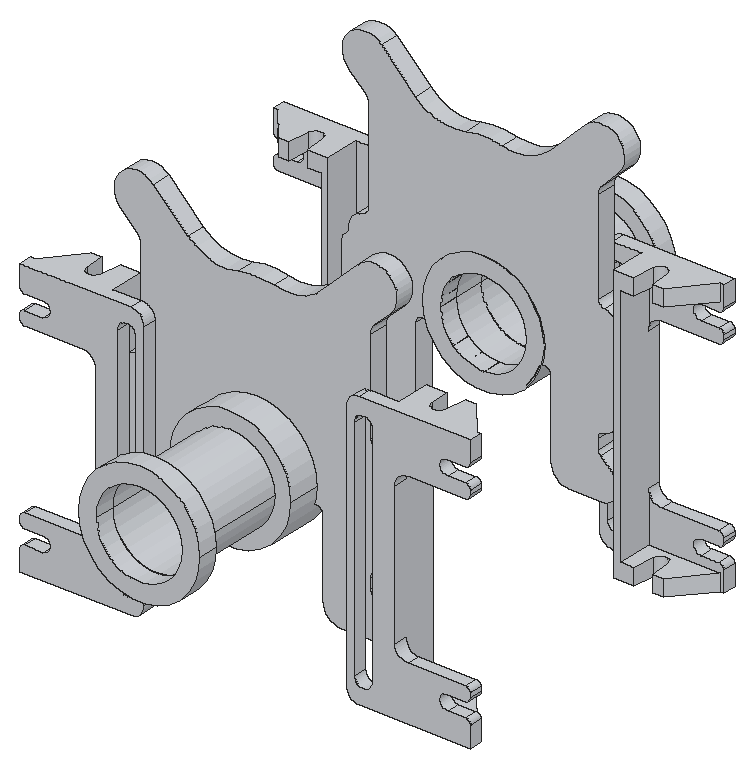
Revit family "Zurn Carrier - ZN1201-ND3", category Plumbing Fixtures, host Face, Revit 2017
Family settings
  Host = Face
  Round Connector Dimension = Use Diameter
  Part Type = Normal
  Cut with Voids When Loaded = No
  Shared = No
  Room Calculation Point = No
Parameters (values of type "ZN1201-ND3")
  Default Elevation = 4' - 0"
  A [instance] = 0' - 3"
Reference planes (in)
  plane 1 "Center (Front/Back)": y = 0
  plane 2: z = 0
  plane 3 "Center (Left/Right)": x = 0
  plane 4 "Barrel": through (-6.47804, -180, 3.29004) normal (0.0159, 0, -0.9999)
  plane 5: through (-6.48431, -180, 0.28956) normal (0.0159, 0, -0.9999)
Dimensions and locks (in)
  "A": plane 5 to plane 4 "Barrel"
  "A": plane 5 to import instance
  aligned and locked: plane 2 to host face
  aligned and locked: level to host face
Automatic sketch dimensions
  host sketch curve to host sketch curve = 8' - 0"  (x2)
Nested families (in)
  nested 1: "Inlet" at (0, 0, 0), type "Inlet"
  nested 2: "Legs" at (0, 0, 0), type "Legs"
Connectors (in)
  piping at (-8.97962, 4.875, 3.25033), diameter 3
    settings: on import instance, index 1, connector inside diameter 24", connector length 0' - 0", flow factor 0, pipe flow 0 GPM, pressure drop 0.00 psi, fitting loss kfactor 0, connector angle 0.00°, fixture units 0, engagement length 0' - 0", angle of deflection 0.00°, flow configuration 0, flow direction 2, fitting loss method 0, system type 7, joint type 0, gender type 0, connector reference index -1, connector utility 0, adjustable connector no, is connector primary yes, connector description ""
  piping at (2.48619, 4.875, 3.43233), diameter 3
    settings: on import instance, index 2, connector inside diameter 24", connector length 0' - 0", flow factor 0, pipe flow 0 GPM, pressure drop 0.00 psi, fitting loss kfactor 0, connector angle 0.00°, fixture units 0, engagement length 0' - 0", angle of deflection 0.00°, flow configuration 0, flow direction 1, fitting loss method 0, system type 7, joint type 0, gender type 0, connector reference index -1, connector utility 0, adjustable connector no, is connector primary no, connector description ""
  piping at (-2.36873, 4.875, 7.85526), diameter 2
    settings: on import instance, index 3, connector inside diameter 24", connector length 0' - 0", flow factor 0, pipe flow 0 GPM, pressure drop 0.00 psi, fitting loss kfactor 0, connector angle 0.00°, fixture units 0, engagement length 0' - 0", angle of deflection 0.00°, flow configuration 0, flow direction 1, fitting loss method 0, system type 7, joint type 0, gender type 0, connector reference index -1, connector utility 0, adjustable connector no, is connector primary no, connector description ""
Definition of nested family "Inlet"
  Parameters (values of type "Inlet")
    Default Elevation = 4' - 0"
  Reference planes (in)
    plane 1 "Center (Front/Back)": y = 0
    plane 2: z = 0
    plane 3 "Center (Left/Right)": x = 0
  Forms (in)
    Extrusion 1, solid
      sketch origin (0, 0, 0) x (1, 0, 0) y (0, 1, 0)
        loop
          line (-48, 48) -> (-48, -48) -> (48, -48) -> (48, 48) -> (-48, 48)
      from 0 to -12
    Extrusion 2, solid
      sketch origin (0, 0, 0) x (1, 0, 0) y (0, 0, 1)
        loop
          line (-2.58153, 13.31897) -> (-3.88128, 14.61872)
          arc (-3.88128, 14.61872) -> (-5.11872, 14.61872) -> (-5.11872, 13.38128) r 0.875
          line (-5.11872, 13.38128) -> (-4.52145, 12.78401)
          arc (-4.52145, 12.78401) -> (-4.41306, 12.6218) -> (-4.375, 12.43046) r 0.5
          line (-4.375, 12.43046) -> (-4.375, 8.86603)
          arc (-4.375, 8.86603) -> (-4.43604, 8.70271) -> (-4.58924, 8.61947) r 0.24899
          arc (-4.58924, 8.61947) -> (-4.98827, 8.39216) -> (-5.12286, 7.95309) r 0.62251
          arc (-5.12286, 7.95309) -> (-5.15122, 7.81669) -> (-5.24877, 7.71723) r 0.24745
          arc (-5.24877, 7.71723) -> (-5.34115, 7.62562) -> (-5.375, 7.5) r 0.25003
          line (-5.375, 7.5) -> (-5.375, 5.5)
          arc (-5.375, 5.5) -> (-5.34115, 5.37438) -> (-5.24877, 5.28277) r 0.25003
          arc (-5.24877, 5.28277) -> (-5.15122, 5.18331) -> (-5.12286, 5.04691) r 0.24745
          arc (-5.12286, 5.04691) -> (-4.98827, 4.60784) -> (-4.58924, 4.38053) r 0.62251
          arc (-4.58924, 4.38053) -> (-4.43604, 4.29729) -> (-4.375, 4.13397) r 0.24899
          line (-4.375, 4.13397) -> (-4.375, 3.73744)
          arc (-4.375, 3.73744) -> (-4.39403, 3.64177) -> (-4.44822, 3.56066) r 0.25
          line (-4.44822, 3.56066) -> (-4.94194, 3.06694)
          arc (-4.94194, 3.06694) -> (-5.07742, 2.38582) -> (-4.5, 2) r 0.625
          line (-4.5, 2) -> (-3.25, 2)
          arc (-3.25, 2) -> (-2.76386, 2.20136) -> (-2.5625, 2.6875) r 0.6875
          line (-2.5625, 2.6875) -> (-2.5625, 5.63621)
          arc (-2.5625, 5.63621) -> (-2.37789, 5.87679) -> (-2.09772, 5.76074) r 0.24907
          arc (-2.09772, 5.76074) -> (0, 4.27489) -> (2.09772, 5.76074) r 2.2237
          arc (2.09772, 5.76074) -> (2.37789, 5.87679) -> (2.5625, 5.63621) r 0.24907
          line (2.5625, 5.63621) -> (2.5625, 2.6875)
          arc (2.5625, 2.6875) -> (2.76386, 2.20136) -> (3.25, 2) r 0.6875
          line (3.25, 2) -> (4.5, 2)
          arc (4.5, 2) -> (5.07742, 2.38582) -> (4.94194, 3.06694) r 0.625
          line (4.94194, 3.06694) -> (4.44822, 3.56066)
          arc (4.44822, 3.56066) -> (4.39403, 3.64177) -> (4.375, 3.73744) r 0.25
          line (4.375, 3.73744) -> (4.375, 4.13397)
          arc (4.375, 4.13397) -> (4.43604, 4.29729) -> (4.58924, 4.38053) r 0.24899
          arc (4.58924, 4.38053) -> (4.98827, 4.60784) -> (5.12286, 5.04691) r 0.62251
          arc (5.12286, 5.04691) -> (5.15122, 5.18331) -> (5.24877, 5.28277) r 0.24745
          arc (5.24877, 5.28277) -> (5.34115, 5.37438) -> (5.375, 5.5) r 0.25003
          line (5.375, 5.5) -> (5.375, 7.5)
          arc (5.375, 7.5) -> (5.34115, 7.62562) -> (5.24877, 7.71723) r 0.25003
          arc (5.24877, 7.71723) -> (5.15122, 7.81669) -> (5.12286, 7.95309) r 0.24745
          arc (5.12286, 7.95309) -> (4.98827, 8.39216) -> (4.58924, 8.61947) r 0.62251
          arc (4.58924, 8.61947) -> (4.43604, 8.70271) -> (4.375, 8.86603) r 0.24899
          line (4.375, 8.86603) -> (4.375, 12.43046)
          arc (4.375, 12.43046) -> (4.41306, 12.6218) -> (4.52145, 12.78401) r 0.5
          line (4.52145, 12.78401) -> (5.11872, 13.38128)
          arc (5.11872, 13.38128) -> (5.11872, 14.61872) -> (3.88128, 14.61872) r 0.875
          line (3.88128, 14.61872) -> (2.58153, 13.31897)
          arc (2.58153, 13.31897) -> (1.70465, 12.80693) -> (0.68932, 12.79193) r 1.99841
          arc (0.68932, 12.79193) -> (0, 12.87579) -> (-0.68932, 12.79193) r 2.87515
          arc (-0.68932, 12.79193) -> (-1.70465, 12.80693) -> (-2.58153, 13.31897) r 1.99841
      from 0.17185 to 0.8906
    Extrusion 3, solid
      sketch origin (0, 0, 0) x (1, 0, 0) y (0, 0, 1)
        loop
          circle (0, 6.5) r 2.31198
      from 5.66374 to 6.42185
    Extrusion 4, solid
      sketch origin (0, 0, 0) x (1, 0, 0) y (0, 0, 1)
        loop
          circle (0, 6.5) r 2.31198
      from 0.17185 to 2.1093
    Extrusion 5, solid
      sketch origin (0, 0, 0) x (1, 0, 0) y (0, 0, 1)
        loop
          circle (0, 6.49859) r 1.68737
      from 2.1093 to 5.66374
    Extrusion 6, void
      sketch origin (0, 0, 0) x (1, 0, 0) y (0, 0, 1)
        loop
          circle (0, 6.49859) r 1.64022
      from 0.17185 to 6.42185
    Extrusion 7, solid
      sketch origin (0, 9.7656, 0) x (1, 0, 0) y (0, 0, -1)
        loop
          arc (-2.58153, -13.31897) -> (-1.70465, -12.80693) -> (-0.68932, -12.79193) r 1.99841
          arc (-0.68932, -12.79193) -> (0, -12.87579) -> (0.68932, -12.79193) r 2.87515
          arc (0.68932, -12.79193) -> (1.70465, -12.80693) -> (2.58153, -13.31897) r 1.99841
          line (2.58153, -13.31897) -> (3.88128, -14.61872)
          arc (3.88128, -14.61872) -> (5.11872, -14.61872) -> (5.11872, -13.38128) r 0.875
          line (5.11872, -13.38128) -> (4.52145, -12.78401)
          arc (4.52145, -12.78401) -> (4.41306, -12.6218) -> (4.375, -12.43046) r 0.5
          line (4.375, -12.43046) -> (4.375, -8.86603)
          arc (4.375, -8.86603) -> (4.43604, -8.70271) -> (4.58924, -8.61947) r 0.24899
          arc (4.58924, -8.61947) -> (4.98827, -8.39216) -> (5.12286, -7.95309) r 0.62251
          arc (5.12286, -7.95309) -> (5.15122, -7.81669) -> (5.24877, -7.71723) r 0.24745
          arc (5.24877, -7.71723) -> (5.34115, -7.62562) -> (5.375, -7.5) r 0.25003
          line (5.375, -7.5) -> (5.375, -5.5)
          arc (5.375, -5.5) -> (5.34115, -5.37438) -> (5.24877, -5.28277) r 0.25003
          arc (5.24877, -5.28277) -> (5.15122, -5.18331) -> (5.12286, -5.04691) r 0.24745
          arc (5.12286, -5.04691) -> (4.98827, -4.60784) -> (4.58924, -4.38053) r 0.62251
          arc (4.58924, -4.38053) -> (4.43604, -4.29729) -> (4.375, -4.13397) r 0.24899
          line (4.375, -4.13397) -> (4.375, -3.73744)
          arc (4.375, -3.73744) -> (4.39403, -3.64177) -> (4.44822, -3.56066) r 0.25
          line (4.44822, -3.56066) -> (4.94194, -3.06694)
          arc (4.94194, -3.06694) -> (5.07742, -2.38582) -> (4.5, -2) r 0.625
          line (4.5, -2) -> (3.25, -2)
          arc (3.25, -2) -> (2.76386, -2.20136) -> (2.5625, -2.6875) r 0.6875
          line (2.5625, -2.6875) -> (2.5625, -5.63621)
          arc (2.5625, -5.63621) -> (2.37789, -5.87679) -> (2.09772, -5.76074) r 0.24907
          arc (2.09772, -5.76074) -> (0, -4.27489) -> (-2.09772, -5.76074) r 2.2237
          arc (-2.09772, -5.76074) -> (-2.37789, -5.87679) -> (-2.5625, -5.63621) r 0.24907
          line (-2.5625, -5.63621) -> (-2.5625, -2.6875)
          arc (-2.5625, -2.6875) -> (-2.76386, -2.20136) -> (-3.25, -2) r 0.6875
          line (-3.25, -2) -> (-4.5, -2)
          arc (-4.5, -2) -> (-5.07742, -2.38582) -> (-4.94194, -3.06694) r 0.625
          line (-4.94194, -3.06694) -> (-4.44822, -3.56066)
          arc (-4.44822, -3.56066) -> (-4.39403, -3.64177) -> (-4.375, -3.73744) r 0.25
          line (-4.375, -3.73744) -> (-4.375, -4.13397)
          arc (-4.375, -4.13397) -> (-4.43604, -4.29729) -> (-4.58924, -4.38053) r 0.24899
          arc (-4.58924, -4.38053) -> (-4.98827, -4.60784) -> (-5.12286, -5.04691) r 0.62251
          arc (-5.12286, -5.04691) -> (-5.15122, -5.18331) -> (-5.24877, -5.28277) r 0.24745
          arc (-5.24877, -5.28277) -> (-5.34115, -5.37438) -> (-5.375, -5.5) r 0.25003
          line (-5.375, -5.5) -> (-5.375, -7.5)
          arc (-5.375, -7.5) -> (-5.34115, -7.62562) -> (-5.24877, -7.71723) r 0.25003
          arc (-5.24877, -7.71723) -> (-5.15122, -7.81669) -> (-5.12286, -7.95309) r 0.24745
          arc (-5.12286, -7.95309) -> (-4.98827, -8.39216) -> (-4.58924, -8.61947) r 0.62251
          arc (-4.58924, -8.61947) -> (-4.43604, -8.70271) -> (-4.375, -8.86603) r 0.24899
          line (-4.375, -8.86603) -> (-4.375, -12.43046)
          arc (-4.375, -12.43046) -> (-4.41306, -12.6218) -> (-4.52145, -12.78401) r 0.5
          line (-4.52145, -12.78401) -> (-5.11872, -13.38128)
          arc (-5.11872, -13.38128) -> (-5.11872, -14.61872) -> (-3.88128, -14.61872) r 0.875
          line (-3.88128, -14.61872) -> (-2.58153, -13.31897)
      from 0.17185 to 0.8906
    Extrusion 8, solid
      sketch origin (0, 9.7656, 0) x (1, 0, 0) y (0, 0, -1)
        loop
          circle (0, -6.5) r 2.31198
      from 5.66374 to 6.42185
    Extrusion 9, solid
      sketch origin (0, 9.7656, 0) x (1, 0, 0) y (0, 0, -1)
        loop
          circle (0, -6.5) r 2.31198
      from 0.17185 to 2.1093
    Extrusion 10, solid
      sketch origin (0, 9.7656, 0) x (1, 0, 0) y (0, 0, -1)
        loop
          circle (0, -6.49859) r 1.68737
      from 2.1093 to 5.66374
    Extrusion 11, void
      sketch origin (0, 9.7656, 0) x (1, 0, 0) y (0, 0, -1)
        loop
          circle (0, -6.49859) r 1.64022
      from 0.17185 to 6.42185
  Cuts and joins
    Extrusion 6, Extrusion 11 cuts Extrusion 2
    Extrusion 6, Extrusion 11 cuts Extrusion 3
    Extrusion 6, Extrusion 11 cuts Extrusion 4
    Extrusion 6, Extrusion 11 cuts Extrusion 5
    Extrusion 11 cuts Extrusion 7
    Extrusion 11 cuts Extrusion 8
    Extrusion 11 cuts Extrusion 9
    Extrusion 11 cuts Extrusion 10
  Dimensions and locks (in)
    aligned and locked: plane 2 to Extrusion 1
    aligned and locked: level to Extrusion 1
Definition of nested family "Legs"
  Parameters (values of type "Legs")
    Default Elevation = 4' - 0"
  Reference planes (in)
    plane 1 "Center (Front/Back)": y = 0
    plane 2: z = 0
    plane 3 "Center (Left/Right)": x = 0
  Forms (in)
    Extrusion 1, solid
      sketch origin (0, 0, 0) x (1, 0, 0) y (0, 1, 0)
        loop
          line (-48, 48) -> (-48, -48) -> (48, -48) -> (48, 48) -> (-48, 48)
      from 0 to -12
    Extrusion 2, solid
      sketch origin (0, 9.7656, 0) x (1, 0, 0) y (0, 1, 0)
        loop
          line (-8.5625, -10.8437) -> (-8.5625, -11.1562) -> (-5.4375, -11.1562) -> (-5.4375, -10.6562) -> (-5.4375, -9.3437) -> (-6.20315, -9.3437) -> (-6.28271, -10.12229)
          arc (-6.28271, -10.12229) -> (-6.5625, -10.40208) -> (-6.84229, -10.12229) r 0.27979
          line (-6.84229, -10.12229) -> (-6.92185, -9.3437) -> (-7.3125, -9.3437) -> (-8.5625, -10.8437)
      from 0 to 0.625
    Extrusion 3, solid
      sketch origin (0, -1.1406, 0) x (-1, 0, 0) y (0, 0, -1)
        loop
          arc (4.15625, -9.5625) -> (4.5, -9.90625) -> (4.84375, -9.5625) r 0.34375
          line (4.84375, -9.5625) -> (4.84375, -0.9375)
          arc (4.84375, -0.9375) -> (4.5, -0.59375) -> (4.15625, -0.9375) r 0.34375
          line (4.15625, -0.9375) -> (4.15625, -9.5625)
        loop
          arc (3.84375, -10) -> (3.9902, -10.35355) -> (4.34375, -10.5) r 0.5
          line (4.34375, -10.5) -> (8.5625, -10.5) -> (8.5625, -9.71875)
          arc (8.5625, -9.71875) -> (8.50758, -9.58617) -> (8.375, -9.53125) r 0.1875
          line (8.375, -9.53125) -> (7.6875, -9.53125)
          arc (7.6875, -9.53125) -> (7.40625, -9.25) -> (7.6875, -8.96875) r 0.28125
          line (7.6875, -8.96875) -> (8.375, -8.96875)
          arc (8.375, -8.96875) -> (8.50758, -8.91383) -> (8.5625, -8.78125) r 0.1875
          line (8.5625, -8.78125) -> (8.5625, -8.625)
          arc (8.5625, -8.625) -> (8.50758, -8.49242) -> (8.375, -8.4375) r 0.1875
          line (8.375, -8.4375) -> (6.1875, -8.4375)
          arc (6.1875, -8.4375) -> (5.83395, -8.29105) -> (5.6875, -7.9375) r 0.5
          line (5.6875, -7.9375) -> (5.6875, -3.41783) -> (5.6875, -2.5625)
          arc (5.6875, -2.5625) -> (5.83395, -2.20895) -> (6.1875, -2.0625) r 0.5
          line (6.1875, -2.0625) -> (8.375, -2.0625)
          arc (8.375, -2.0625) -> (8.50758, -2.00758) -> (8.5625, -1.875) r 0.1875
          line (8.5625, -1.875) -> (8.5625, -1.71875)
          arc (8.5625, -1.71875) -> (8.50758, -1.58617) -> (8.375, -1.53125) r 0.1875
          line (8.375, -1.53125) -> (7.6875, -1.53125)
          arc (7.6875, -1.53125) -> (7.40625, -1.25) -> (7.6875, -0.96875) r 0.28125
          line (7.6875, -0.96875) -> (8.375, -0.96875)
          arc (8.375, -0.96875) -> (8.50758, -0.91383) -> (8.5625, -0.78125) r 0.1875
          line (8.5625, -0.78125) -> (8.5625, 0) -> (4.34375, 0)
          arc (4.34375, 0) -> (3.9902, -0.14645) -> (3.84375, -0.5) r 0.5
          line (3.84375, -0.5) -> (3.84375, -10)
      from -0.25 to 0.25
    Extrusion 4, solid
      sketch origin (0, 9.7656, 9.875) x (0, -1, 0) y (1, 0, 0)
        loop
          line (10.8437, -8.5625) -> (11.1562, -8.5625) -> (11.1562, -5.4375) -> (10.6562, -5.4375) -> (9.3437, -5.4375) -> (9.3437, -6.20315) -> (10.12229, -6.28271)
          arc (10.12229, -6.28271) -> (10.40208, -6.5625) -> (10.12229, -6.84229) r 0.27979
          line (10.12229, -6.84229) -> (9.3437, -6.92185) -> (9.3437, -7.3125) -> (10.8437, -8.5625)
      from 0 to 0.625
    Extrusion 5, solid
      sketch origin (0, 9.7656, 0) x (1, 0, 0) y (0, 0, -1)
        loop
          line (-5.4375, -9.875) -> (-5.4375, -0.625) -> (-5.6875, -0.625) -> (-5.6875, -9.875) -> (-5.4375, -9.875)
      from -10.6562 to -9.3437
    Extrusion 6, solid
      sketch origin (0, 0, 0) x (1, 0, 0) y (0, 1, 0)
        loop
          line (-8.5625, 10.8437) -> (-7.3125, 9.3437) -> (-6.92185, 9.3437) -> (-6.84229, 10.12229)
          arc (-6.84229, 10.12229) -> (-6.5625, 10.40208) -> (-6.28271, 10.12229) r 0.27979
          line (-6.28271, 10.12229) -> (-6.20315, 9.3437) -> (-5.4375, 9.3437) -> (-5.4375, 10.6562) -> (-5.4375, 11.1562) -> (-8.5625, 11.1562) -> (-8.5625, 10.8437)
      from 0 to 0.625
    Extrusion 7, solid
      sketch origin (0, 10.9062, 0) x (-1, 0, 0) y (0, 0, 1)
        loop
          line (4.15625, 9.5625) -> (4.15625, 0.9375)
          arc (4.15625, 0.9375) -> (4.5, 0.59375) -> (4.84375, 0.9375) r 0.34375
          line (4.84375, 0.9375) -> (4.84375, 9.5625)
          arc (4.84375, 9.5625) -> (4.5, 9.90625) -> (4.15625, 9.5625) r 0.34375
        loop
          line (3.84375, 10) -> (3.84375, 0.5)
          arc (3.84375, 0.5) -> (3.9902, 0.14645) -> (4.34375, 0) r 0.5
          line (4.34375, 0) -> (8.5625, 0) -> (8.5625, 0.78125)
          arc (8.5625, 0.78125) -> (8.50758, 0.91383) -> (8.375, 0.96875) r 0.1875
          line (8.375, 0.96875) -> (7.6875, 0.96875)
          arc (7.6875, 0.96875) -> (7.40625, 1.25) -> (7.6875, 1.53125) r 0.28125
          line (7.6875, 1.53125) -> (8.375, 1.53125)
          arc (8.375, 1.53125) -> (8.50758, 1.58617) -> (8.5625, 1.71875) r 0.1875
          line (8.5625, 1.71875) -> (8.5625, 1.875)
          arc (8.5625, 1.875) -> (8.50758, 2.00758) -> (8.375, 2.0625) r 0.1875
          line (8.375, 2.0625) -> (6.1875, 2.0625)
          arc (6.1875, 2.0625) -> (5.83395, 2.20895) -> (5.6875, 2.5625) r 0.5
          line (5.6875, 2.5625) -> (5.6875, 3.41783) -> (5.6875, 7.9375)
          arc (5.6875, 7.9375) -> (5.83395, 8.29105) -> (6.1875, 8.4375) r 0.5
          line (6.1875, 8.4375) -> (8.375, 8.4375)
          arc (8.375, 8.4375) -> (8.50758, 8.49242) -> (8.5625, 8.625) r 0.1875
          line (8.5625, 8.625) -> (8.5625, 8.78125)
          arc (8.5625, 8.78125) -> (8.50758, 8.91383) -> (8.375, 8.96875) r 0.1875
          line (8.375, 8.96875) -> (7.6875, 8.96875)
          arc (7.6875, 8.96875) -> (7.40625, 9.25) -> (7.6875, 9.53125) r 0.28125
          line (7.6875, 9.53125) -> (8.375, 9.53125)
          arc (8.375, 9.53125) -> (8.50758, 9.58617) -> (8.5625, 9.71875) r 0.1875
          line (8.5625, 9.71875) -> (8.5625, 10.5) -> (4.34375, 10.5)
          arc (4.34375, 10.5) -> (3.9902, 10.35355) -> (3.84375, 10) r 0.5
      from -0.25 to 0.25
    Extrusion 8, solid
      sketch origin (0, 0, 9.875) x (0, -1, 0) y (1, 0, 0)
        loop
          line (-10.8437, -8.5625) -> (-9.3437, -7.3125) -> (-9.3437, -6.92185) -> (-10.12229, -6.84229)
          arc (-10.12229, -6.84229) -> (-10.40208, -6.5625) -> (-10.12229, -6.28271) r 0.27979
          line (-10.12229, -6.28271) -> (-9.3437, -6.20315) -> (-9.3437, -5.4375) -> (-10.6562, -5.4375) -> (-11.1562, -5.4375) -> (-11.1562, -8.5625) -> (-10.8437, -8.5625)
      from 0 to 0.625
    Extrusion 9, solid
      sketch origin (0, 0, 0) x (1, 0, 0) y (0, 0, 1)
        loop
          line (-5.4375, 9.875) -> (-5.6875, 9.875) -> (-5.6875, 0.625) -> (-5.4375, 0.625) -> (-5.4375, 9.875)
      from -10.6562 to -9.3437
    Extrusion 10, solid
      sketch origin (0, 9.7656, 0) x (-1, 0, 0) y (0, -1, 0)
        loop
          line (-8.5625, 10.8437) -> (-7.3125, 9.3437) -> (-6.92185, 9.3437) -> (-6.84229, 10.12229)
          arc (-6.84229, 10.12229) -> (-6.5625, 10.40208) -> (-6.28271, 10.12229) r 0.27979
          line (-6.28271, 10.12229) -> (-6.20315, 9.3437) -> (-5.4375, 9.3437) -> (-5.4375, 10.6562) -> (-5.4375, 11.1562) -> (-8.5625, 11.1562) -> (-8.5625, 10.8437)
      from 0 to 0.625
    Extrusion 11, solid
      sketch origin (0, -1.1406, 0) x (1, 0, 0) y (0, 0, 1)
        loop
          line (4.15625, 9.5625) -> (4.15625, 0.9375)
          arc (4.15625, 0.9375) -> (4.5, 0.59375) -> (4.84375, 0.9375) r 0.34375
          line (4.84375, 0.9375) -> (4.84375, 9.5625)
          arc (4.84375, 9.5625) -> (4.5, 9.90625) -> (4.15625, 9.5625) r 0.34375
        loop
          line (3.84375, 10) -> (3.84375, 0.5)
          arc (3.84375, 0.5) -> (3.9902, 0.14645) -> (4.34375, 0) r 0.5
          line (4.34375, 0) -> (8.5625, 0) -> (8.5625, 0.78125)
          arc (8.5625, 0.78125) -> (8.50758, 0.91383) -> (8.375, 0.96875) r 0.1875
          line (8.375, 0.96875) -> (7.6875, 0.96875)
          arc (7.6875, 0.96875) -> (7.40625, 1.25) -> (7.6875, 1.53125) r 0.28125
          line (7.6875, 1.53125) -> (8.375, 1.53125)
          arc (8.375, 1.53125) -> (8.50758, 1.58617) -> (8.5625, 1.71875) r 0.1875
          line (8.5625, 1.71875) -> (8.5625, 1.875)
          arc (8.5625, 1.875) -> (8.50758, 2.00758) -> (8.375, 2.0625) r 0.1875
          line (8.375, 2.0625) -> (6.1875, 2.0625)
          arc (6.1875, 2.0625) -> (5.83395, 2.20895) -> (5.6875, 2.5625) r 0.5
          line (5.6875, 2.5625) -> (5.6875, 3.41783) -> (5.6875, 7.9375)
          arc (5.6875, 7.9375) -> (5.83395, 8.29105) -> (6.1875, 8.4375) r 0.5
          line (6.1875, 8.4375) -> (8.375, 8.4375)
          arc (8.375, 8.4375) -> (8.50758, 8.49242) -> (8.5625, 8.625) r 0.1875
          line (8.5625, 8.625) -> (8.5625, 8.78125)
          arc (8.5625, 8.78125) -> (8.50758, 8.91383) -> (8.375, 8.96875) r 0.1875
          line (8.375, 8.96875) -> (7.6875, 8.96875)
          arc (7.6875, 8.96875) -> (7.40625, 9.25) -> (7.6875, 9.53125) r 0.28125
          line (7.6875, 9.53125) -> (8.375, 9.53125)
          arc (8.375, 9.53125) -> (8.50758, 9.58617) -> (8.5625, 9.71875) r 0.1875
          line (8.5625, 9.71875) -> (8.5625, 10.5) -> (4.34375, 10.5)
          arc (4.34375, 10.5) -> (3.9902, 10.35355) -> (3.84375, 10) r 0.5
      from -0.25 to 0.25
    Extrusion 12, solid
      sketch origin (0, 9.7656, 9.875) x (0, 1, 0) y (-1, 0, 0)
        loop
          line (-10.8437, -8.5625) -> (-9.3437, -7.3125) -> (-9.3437, -6.92185) -> (-10.12229, -6.84229)
          arc (-10.12229, -6.84229) -> (-10.40208, -6.5625) -> (-10.12229, -6.28271) r 0.27979
          line (-10.12229, -6.28271) -> (-9.3437, -6.20315) -> (-9.3437, -5.4375) -> (-10.6562, -5.4375) -> (-11.1562, -5.4375) -> (-11.1562, -8.5625) -> (-10.8437, -8.5625)
      from 0 to 0.625
    Extrusion 13, solid
      sketch origin (0, 9.7656, 0) x (-1, 0, 0) y (0, 0, 1)
        loop
          line (-5.4375, 9.875) -> (-5.6875, 9.875) -> (-5.6875, 0.625) -> (-5.4375, 0.625) -> (-5.4375, 9.875)
      from -10.6562 to -9.3437
    Extrusion 14, solid
      sketch origin (0, 0, 0) x (-1, 0, 0) y (0, -1, 0)
        loop
          line (-8.5625, -10.8437) -> (-8.5625, -11.1562) -> (-5.4375, -11.1562) -> (-5.4375, -10.6562) -> (-5.4375, -9.3437) -> (-6.20315, -9.3437) -> (-6.28271, -10.12229)
          arc (-6.28271, -10.12229) -> (-6.5625, -10.40208) -> (-6.84229, -10.12229) r 0.27979
          line (-6.84229, -10.12229) -> (-6.92185, -9.3437) -> (-7.3125, -9.3437) -> (-8.5625, -10.8437)
      from 0 to 0.625
    Extrusion 15, solid
      sketch origin (0, 10.9062, 0) x (1, 0, 0) y (0, 0, -1)
        loop
          arc (4.15625, -9.5625) -> (4.5, -9.90625) -> (4.84375, -9.5625) r 0.34375
          line (4.84375, -9.5625) -> (4.84375, -0.9375)
          arc (4.84375, -0.9375) -> (4.5, -0.59375) -> (4.15625, -0.9375) r 0.34375
          line (4.15625, -0.9375) -> (4.15625, -9.5625)
        loop
          arc (3.84375, -10) -> (3.9902, -10.35355) -> (4.34375, -10.5) r 0.5
          line (4.34375, -10.5) -> (8.5625, -10.5) -> (8.5625, -9.71875)
          arc (8.5625, -9.71875) -> (8.50758, -9.58617) -> (8.375, -9.53125) r 0.1875
          line (8.375, -9.53125) -> (7.6875, -9.53125)
          arc (7.6875, -9.53125) -> (7.40625, -9.25) -> (7.6875, -8.96875) r 0.28125
          line (7.6875, -8.96875) -> (8.375, -8.96875)
          arc (8.375, -8.96875) -> (8.50758, -8.91383) -> (8.5625, -8.78125) r 0.1875
          line (8.5625, -8.78125) -> (8.5625, -8.625)
          arc (8.5625, -8.625) -> (8.50758, -8.49242) -> (8.375, -8.4375) r 0.1875
          line (8.375, -8.4375) -> (6.1875, -8.4375)
          arc (6.1875, -8.4375) -> (5.83395, -8.29105) -> (5.6875, -7.9375) r 0.5
          line (5.6875, -7.9375) -> (5.6875, -3.41783) -> (5.6875, -2.5625)
          arc (5.6875, -2.5625) -> (5.83395, -2.20895) -> (6.1875, -2.0625) r 0.5
          line (6.1875, -2.0625) -> (8.375, -2.0625)
          arc (8.375, -2.0625) -> (8.50758, -2.00758) -> (8.5625, -1.875) r 0.1875
          line (8.5625, -1.875) -> (8.5625, -1.71875)
          arc (8.5625, -1.71875) -> (8.50758, -1.58617) -> (8.375, -1.53125) r 0.1875
          line (8.375, -1.53125) -> (7.6875, -1.53125)
          arc (7.6875, -1.53125) -> (7.40625, -1.25) -> (7.6875, -0.96875) r 0.28125
          line (7.6875, -0.96875) -> (8.375, -0.96875)
          arc (8.375, -0.96875) -> (8.50758, -0.91383) -> (8.5625, -0.78125) r 0.1875
          line (8.5625, -0.78125) -> (8.5625, 0) -> (4.34375, 0)
          arc (4.34375, 0) -> (3.9902, -0.14645) -> (3.84375, -0.5) r 0.5
          line (3.84375, -0.5) -> (3.84375, -10)
      from -0.25 to 0.25
    Extrusion 16, solid
      sketch origin (0, 0, 9.875) x (0, 1, 0) y (-1, 0, 0)
        loop
          line (10.8437, -8.5625) -> (11.1562, -8.5625) -> (11.1562, -5.4375) -> (10.6562, -5.4375) -> (9.3437, -5.4375) -> (9.3437, -6.20315) -> (10.12229, -6.28271)
          arc (10.12229, -6.28271) -> (10.40208, -6.5625) -> (10.12229, -6.84229) r 0.27979
          line (10.12229, -6.84229) -> (9.3437, -6.92185) -> (9.3437, -7.3125) -> (10.8437, -8.5625)
      from 0 to 0.625
    Extrusion 17, solid
      sketch origin (0, 0, 0) x (-1, 0, 0) y (0, 0, -1)
        loop
          line (-5.4375, -9.875) -> (-5.4375, -0.625) -> (-5.6875, -0.625) -> (-5.6875, -9.875) -> (-5.4375, -9.875)
      from -10.6562 to -9.3437
  Cuts and joins
    joined: Extrusion 2, Extrusion 3, Extrusion 4, Extrusion 5
    joined: Extrusion 10, Extrusion 11, Extrusion 12, Extrusion 13
    joined: Extrusion 14, Extrusion 15, Extrusion 16, Extrusion 17
    joined: Extrusion 6, Extrusion 7, Extrusion 8, Extrusion 9
  Dimensions and locks (in)
    aligned and locked: plane 2 to Extrusion 1
    aligned and locked: level to Extrusion 1
